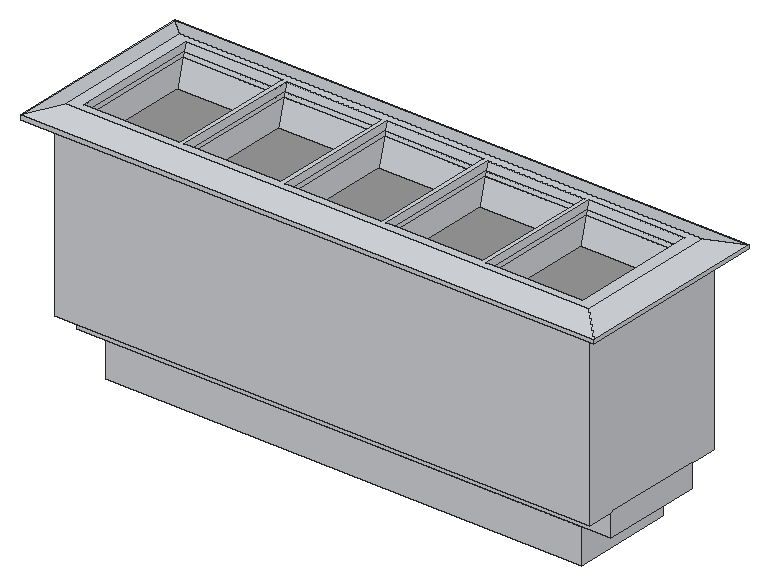
Revit family "2061125 Sylvania Lighting Fixture DOMINO 5xLED 940 BLACK NB TRIM WHITE", category Lighting Fixtures, host Face, Revit 2018
Family settings
  Host = Face
  Round Connector Dimension = Use Diameter
  Part Type = Normal
  OmniClass Number = 23.80.70.00
  OmniClass Title = Lighting
  Cut with Voids When Loaded = No
  Light Source = Yes
  Shared = No
  Room Calculation Point = No
Parameters (values of type "2061125 DOMINO 5XLED 940 BLACK NB TR WHT ")
  top top width = 15.812 mm
  top top length = 123 mm
  Width = 50 mm
  Weight = "n/a"
  Wattage Comments = ""
  Wattage = 9.2903 W
  WarrantyStartDate [instance] = "n/a"
  WarrantyGuarantorParts = "n/a"
  WarrantyDurationUnit = "n/a"
  WarrantyDurationParts = ""
  WarrantyDescription = "http://www.sylvania-lighting.com"
  built-in parameter 1150110 = 1 (stored number, unit not read)
  Voltage = 0 V
  URL = "0.6"
  TypeName = "DOMINO 5xLED 940 BLACK NB TRIM WHITE"
  Type Image = <None>
  Type Comments = "n/a"
  built-in parameter 1114217 = 1 (stored number, unit not read)
  Top Width = 26 mm
  Tilt Angle = 90.00°
  built-in parameter 1150109 = 1 (stored number, unit not read)
  built-in parameter 1150134 = 3
  built-in parameter 1150113 = 1 (stored number, unit not read)
  SerialNumber [instance] = "n/a"
  Recessed Width = 43 mm
  Recessed Length = 143 mm
  Photometric Web File = "2061125.ies"
  Material_3_FEILO = none
  PowerFactor = 0
  PowerConsumption = "Lighting"
  NominalLength = 50 mm
  NominalHeight = 0 mm
  NominalDepth = 0 mm
  Name = "DOMINO 5xLED 940 BLACK NB TRIM WHITE"
  ModelReference = Name  # "DOMINO 5xLED 940 BLACK NB TRIM WHITE"
  ModelNumber = "2061125"
  Model = Name  # "DOMINO 5xLED 940 BLACK NB TRIM WHITE"
  Material = "Feilo Sylvania"
  ManufacturerName = "67 lm/W"
  Manufacturer = ""
  LuminousEfficacy = ""
  built-in parameter 1150105 = 109.82 (stored number, unit not read)
  Lumens = 1380 lm
  LuminaireType = "0"
  built-in parameter 1150115 = 1 (stored number, unit not read)
  LightOutputRatio = "LED"
  built-in parameter 1150137 = (empty or 0)
  built-in parameter 1150139 = (empty or 0)
  Lens inside recess = 25 mm
  Lens Width = 32 mm
  Lens Outside recess = 31.978 mm
  Lens = Glass, White, High Luminance
  Length = 148 mm
  LampsType = Lamp  # "n/a"
  LampNominalLuminous = "4000 K"
  LampMacAdamStep = "90"
  LampColourTemperature = "LED"
  LampColourRenderingIndex = "16500"
  built-in parameter 1150112 = 1 (stored number, unit not read)
  built-in parameter 1150114 = 1 (stored number, unit not read)
  Lamp = "n/a"
  Keynote = "n/a"
  InstallationDate [instance] = "n/a"
  InputVoltage = "0"
  InputNominalFrequency = "4000"
  built-in parameter 1150132 = (empty or 0)
  built-in parameter 1150102 = (empty or 0)
  built-in parameter 1150107 = 3200 (stored number, unit not read)
  built-in parameter 1150138 = (empty or 0)
  IngressProtection = "IfcLightFixtureType"
  ImpactProtectionIndex = "IfcLightFixtureType"
  built-in parameter 1150106 = 1.0982 (stored number, unit not read)
  IfcExportType = "IfcLightFixtureType"
  IfcExportAs = "Class II"
  Facia internal width = 37 mm
  Facia internal length = 135 mm
  Facia Height = 2 mm
  ExpectedLife = 50000
  Emit from Circle Diameter = 609.6 mm
  Emit Shape Visible in Rendering = no
  ElectricShockClassification = "67"
  built-in parameter 1150104 = 13.8 (stored number, unit not read)
  DurationUnit = "hours"
  DocumentationLiterature = "http://www.sylvania-lighting.com/product/en-int/products/2061125"
  DimmingControlOptions = "n/a"
  Material_2_FEILO = none
  Dimming Lamp Color Temperature Shift = <None>
  Description = "Modular LED recessed linear spotlight, ideal for retail and hospitality applications. Die-cast aluminium body, passive cooling. Two levels of reflector installation, low glaring UGR<16. 5x LED source, 15° beam angle , optics: PMMA lens and polycarbonate reflector combination, Black matt reflector finish. Light color temperature: 4000K neutral white, total system power: 13W , total fixture lumen output: 860lm, efficacy: 67 lm/W, Ra90 typical, LED chromacity: 3 step MacAdam ellipse (SDCM3), lifespan: 96,000 hours at 90% of the original output (L90B10), IR/UV free light source without heat radiation, operating voltage: 220-240V / 50-60Hz, electronic driver, ultra low flicker, non-dimmable , electrical protection: Class II. Degree of Protection: IP40/IP20, suitable for indoor environment only. Ceiling cut-out: 43x43mm, outer dimensions:  150x50mm trim frame RAL 9016 - Traffic white / Bezel color.5 years Warranty."
  Default Elevation = 1219.2 mm
  CreatedOn = "10/02/2021"
  CreatedBy = "@sylvania-lighting.com"
  Cost = 0
  Color Filter = 16777215
  built-in parameter 1114216 [instance] = (empty or 0)
  ClassificationValue = "EF_70_80"
  ClassificationName = "Uniclass2015"
  Material_1_FEILO = none
  Body Width = 40 mm
  Body Length = 138 mm
  BarCode [instance] = "n/a"
  built-in parameter 1114218 = 1 (stored number, unit not read)
  built-in parameter 1150133 = 10 (stored number, unit not read)
  AssetType = "Fixed"
  AssetIdentifier [instance] = "n/a"
  Assembly Code = "D5020200"
  Apparent Load = 13 VA
  Material_4_FEILO = none
Reference planes
  plane 1 "Center (Front/Back)": y = 0
  plane 2: z = 0
  plane 3 "Center (Left/Right)": x = 0
  plane 4: z = 0
  plane 5: z = -7
  plane 6: z = -45.895
  plane 7: z = -51.895
  plane 8: z = -60.895
  plane 9: x = -71.5
  plane 10: x = 71.5
  plane 11: y = 21.5
  plane 12: y = -21.5
  plane 13: x = -74
  plane 14: x = 74
  plane 15: y = 25
  plane 16: y = -25
  plane 17: x = 67.5
  plane 18: x = -67.5
  plane 19: y = 18.5
  plane 20: y = -18.5
  plane 21: z = 2
  plane 22: x = -69
  plane 23: x = 69
  plane 24: y = 20
  plane 25: y = -20
  plane 26: y = 13
  plane 27: y = -13
  plane 28: x = 61.5
  plane 29: x = -61.5
  plane 30: x = -65.5
  plane 31: y = 16.5
  plane 32: y = -16.472
  plane 33: x = -40.5
  plane 34: x = -41
  plane 35: x = -65
  plane 36: y = 13
  plane 37: y = -12.972
  plane 38: x = -39.5
  plane 39: x = -14.48
  plane 40: x = -13.48
  plane 41: x = 11.52
  plane 42: x = 12.52
  plane 43: x = 37.52
  plane 44: x = 38.52
  plane 45: x = 64.5
Forms (mm)
  Extrusion 1, solid, not visible, detail levels medium+fine
    sketch origin (4.2, 0, 0) x (1, 0, 0) y (0, 1, 0)
      loop
        line (-29.2, 34.5) -> (-29.2, -34.5) -> (20.8, -34.5) -> (20.8, 34.5) -> (-29.2, 34.5)
    from 0 to 1
  Extrusion 2, solid, not visible, detail levels medium+fine
    sketch origin (4.044, 0, 0) x (1, 0, 0) y (0, 1, 0)
      loop
        line (-29.2, 34.5) -> (-29.2, -34.5) -> (20.8, -34.5) -> (20.8, 34.5) -> (-29.2, 34.5)
    from 0 to 1
  Blend 3, solid, not visible, detail levels medium+fine
    base sketch origin (4.2, 0, 0) x (1, 0, 0) y (0, 1, 0)
      loop
        line (-29.2, 34.5) -> (-29.2, -34.5) -> (20.8, -34.5) -> (20.8, 34.5) -> (-29.2, 34.5)
    top sketch origin (4.2, 0, 0) x (1, 0, 0) y (0, 1, 0)
      loop
        line (-21.7, 28) -> (-21.7, -28) -> (13.3, -28) -> (13.3, 28) -> (-21.7, 28)
    from 1 to 3
  Extrusion 4, solid, not visible, detail levels medium+fine
    sketch origin (3.419, 0, 0) x (1, 0, 0) y (0, 1, 0)
      loop
        line (-29.2, 34.5) -> (-29.2, -34.5) -> (20.8, -34.5) -> (20.8, 34.5) -> (-29.2, 34.5)
    from 0 to 1
  Blend 5, solid, not visible, detail levels medium+fine
    base sketch origin (3.575, 0, 0) x (1, 0, 0) y (0, 1, 0)
      loop
        line (-29.2, 34.5) -> (-29.2, -34.5) -> (20.8, -34.5) -> (20.8, 34.5) -> (-29.2, 34.5)
    top sketch origin (3.575, 0, 0) x (1, 0, 0) y (0, 1, 0)
      loop
        line (-21.7, 28) -> (-21.7, -28) -> (13.3, -28) -> (13.3, 28) -> (-21.7, 28)
    from 1 to 3
  Extrusion 6, solid, not visible, detail levels medium+fine
    sketch origin (4.247, 0, 0) x (1, 0, 0) y (0, 1, 0)
      loop
        line (-29.2, 34.5) -> (-29.2, -34.5) -> (20.8, -34.5) -> (20.8, 34.5) -> (-29.2, 34.5)
    from 0 to 1
  Blend 7, solid, not visible, detail levels medium+fine
    base sketch origin (4.403, 0, 0) x (1, 0, 0) y (0, 1, 0)
      loop
        line (-29.2, 34.5) -> (-29.2, -34.5) -> (20.8, -34.5) -> (20.8, 34.5) -> (-29.2, 34.5)
    top sketch origin (4.403, 0, 0) x (1, 0, 0) y (0, 1, 0)
      loop
        line (-21.7, 28) -> (-21.7, -28) -> (13.3, -28) -> (13.3, 28) -> (-21.7, 28)
    from 1 to 3
  Extrusion 8, void, detail levels medium+fine
    sketch origin (4.2, 0, 0) x (0, 1, 0) y (1, 0, 0)
      loop
        line (21.5, -75.7) -> (21.5, 67.3) -> (-21.5, 67.3) -> (-21.5, -75.7) -> (21.5, -75.7)
    from -9.934 to 83.097
  Extrusion 9, solid, detail levels medium+fine
    sketch origin (4.2, 0, 0) x (1, 0, 0) y (0, 1, 0)
      loop
        line (-78.2, 25) -> (-78.2, -25) -> (69.8, -25) -> (69.8, 25) -> (-78.2, 25)
    from 0 to 1
  Extrusion 10, solid, detail levels medium+fine
    sketch origin (4.2, 0, 0) x (1, 0, 0) y (0, 1, 0)
      loop
        line (-73.2, 20) -> (-73.2, -20) -> (64.8, -20) -> (64.8, 20) -> (-73.2, 20)
    from 0 to -45.895
  Extrusion 11, solid, detail levels medium+fine
    sketch origin (4.2, 0, 0) x (1, 0, 0) y (0, 1, 0)
      loop
        line (-73.2, 13) -> (-73.2, -13) -> (64.8, -13) -> (64.8, 13) -> (-73.2, 13)
    from -51.895 to -45.895
  Extrusion 12, solid, material "Glass, White, High Luminance" <- "Lens", detail levels fine
    sketch origin (11.874, 1219.733, 36.156) x (1, 0, 0) y (0, 1, 0)
      loop
        line (-75.883, -1206.7) -> (-75.883, -1232.733) -> (-51.887, -1232.733) -> (-51.887, -1206.7) -> (-75.883, -1206.7)
    from -43.156 to -42.182
  Blend 13, solid, detail levels medium+fine
    base sketch origin (4.2, 0, 0) x (1, 0, 0) y (0, 1, 0)
      loop
        line (-78.2, 25) -> (-78.2, -25) -> (69.8, -25) -> (69.8, 25) -> (-78.2, 25)
    top sketch origin (4.2, 0, 0) x (1, 0, 0) y (0, 1, 0)
      loop
        line (-71.7, 18.5) -> (-71.7, -18.5) -> (63.3, -18.5) -> (63.3, 18.5) -> (-71.7, 18.5)
    from 1 to 3
  Extrusion 14, solid, detail levels fine
    sketch origin (0, 0, 0) x (1, 0, 0) y (0, 0, 1)
      loop
        line (-61.5, -51.895) -> (-61.5, -60.895) -> (61.5, -60.895) -> (61.5, -51.895) -> (-61.5, -51.895)
    from -13 to 13
  Blend 15, void
    base sketch origin (5.187, 0, 0) x (0, 1, 0) y (-1, 0, 0)
      loop
        line (16.5, 69.7) -> (-16.472, 69.7) -> (-16.472, 44.7) -> (16.5, 44.7) -> (16.5, 69.7)
    top sketch origin (5.187, 0, 0) x (0, 1, 0) y (-1, 0, 0)
      loop
        line (13, 69.2) -> (-12.972, 69.2) -> (-12.972, 45.2) -> (13, 45.2) -> (13, 69.2)
    from 3 to -7
  Blend 16, void
    base sketch origin (31.202, 0, 0) x (0, 1, 0) y (-1, 0, 0)
      loop
        line (16.5, 69.7) -> (-16.472, 69.7) -> (-16.472, 44.7) -> (16.5, 44.7) -> (16.5, 69.7)
    top sketch origin (31.202, 0, 0) x (0, 1, 0) y (-1, 0, 0)
      loop
        line (13, 69.2) -> (-12.972, 69.2) -> (-12.972, 45.2) -> (13, 45.2) -> (13, 69.2)
    from 3 to -7
  Blend 17, void
    base sketch origin (57.213, -0.017, 0) x (0, 1, 0) y (-1, 0, 0)
      loop
        line (16.5, 69.7) -> (-16.472, 69.7) -> (-16.472, 44.7) -> (16.5, 44.7) -> (16.5, 69.7)
    top sketch origin (57.213, -0.017, 0) x (0, 1, 0) y (-1, 0, 0)
      loop
        line (13, 69.2) -> (-12.972, 69.2) -> (-12.972, 45.2) -> (13, 45.2) -> (13, 69.2)
    from 3 to -7
  Blend 18, void
    base sketch origin (83.222, 0, 0) x (0, 1, 0) y (-1, 0, 0)
      loop
        line (16.5, 69.7) -> (-16.472, 69.7) -> (-16.472, 44.7) -> (16.5, 44.7) -> (16.5, 69.7)
    top sketch origin (83.222, 0, 0) x (0, 1, 0) y (-1, 0, 0)
      loop
        line (13, 69.2) -> (-12.972, 69.2) -> (-12.972, 45.2) -> (13, 45.2) -> (13, 69.2)
    from 3 to -7
  Blend 19, void
    base sketch origin (109.202, 0, 0) x (0, 1, 0) y (-1, 0, 0)
      loop
        line (16.5, 69.7) -> (-16.472, 69.7) -> (-16.472, 44.7) -> (16.5, 44.7) -> (16.5, 69.7)
    top sketch origin (109.202, 0, 0) x (0, 1, 0) y (-1, 0, 0)
      loop
        line (13, 69.2) -> (-12.972, 69.2) -> (-12.972, 45.2) -> (13, 45.2) -> (13, 69.2)
    from 3 to -7
  Extrusion 20, solid, material "Glass, White, High Luminance" <- "Lens", detail levels fine
    sketch origin (37.889, 1219.733, 36.156) x (1, 0, 0) y (0, 1, 0)
      loop
        line (-75.883, -1206.7) -> (-75.883, -1232.733) -> (-51.887, -1232.733) -> (-51.887, -1206.7) -> (-75.883, -1206.7)
    from -43.156 to -42.182
  Extrusion 21, solid, material "Glass, White, High Luminance" <- "Lens", detail levels fine
    sketch origin (63.896, 1219.733, 36.156) x (1, 0, 0) y (0, 1, 0)
      loop
        line (-75.883, -1206.7) -> (-75.883, -1232.733) -> (-51.887, -1232.733) -> (-51.887, -1206.7) -> (-75.883, -1206.7)
    from -43.156 to -42.182
  Extrusion 22, solid, material "Glass, White, High Luminance" <- "Lens", detail levels fine
    sketch origin (89.905, 1219.733, 36.156) x (1, 0, 0) y (0, 1, 0)
      loop
        line (-75.883, -1206.7) -> (-75.883, -1232.733) -> (-51.887, -1232.733) -> (-51.887, -1206.7) -> (-75.883, -1206.7)
    from -43.156 to -42.182
  Extrusion 23, solid, material "Glass, White, High Luminance" <- "Lens", detail levels fine
    sketch origin (115.886, 1219.733, 36.156) x (1, 0, 0) y (0, 1, 0)
      loop
        line (-75.883, -1206.7) -> (-75.883, -1232.733) -> (-51.887, -1232.733) -> (-51.887, -1206.7) -> (-75.883, -1206.7)
    from -43.156 to -42.182
  Extrusion 24, solid, detail levels coarse
    sketch origin (4.2, 0, 0) x (1, 0, 0) y (0, 1, 0)
      loop
        line (-78.2, 25) -> (-78.2, -25) -> (69.8, -25) -> (69.8, 25) -> (-78.2, 25)
    from 3 to -60.895
Cuts and joins
  Blend 15, Blend 16, Blend 17, Blend 18, Blend 19 cuts Extrusion 9
  Blend 15, Blend 16, Blend 17, Blend 18, Blend 19 cuts Extrusion 10
  Blend 15, Blend 16, Blend 17, Blend 18, Blend 19 cuts Blend 13
Dimensions and locks
  "Recessed Length": plane 9 to plane 10
  equal spacing: plane 9, plane 3 "Center (Left/Right)", plane 10
  "Length": plane 13 to plane 14
  equal spacing: plane 13, plane 3 "Center (Left/Right)", plane 14
  "Recessed Width": plane 11 to plane 12
  equal spacing: plane 11, plane 1 "Center (Front/Back)", plane 12
  "Width": plane 15 to plane 16
  equal spacing: plane 15, plane 1 "Center (Front/Back)", plane 16
  "Facia internal length": plane 18 to plane 17
  equal spacing: plane 18, plane 3 "Center (Left/Right)", plane 17
  "Facia internal width": plane 19 to plane 20
  equal spacing: plane 19, plane 1 "Center (Front/Back)", plane 20
  "Facia Height": plane 21 to host face
  "Body Length": plane 22 to plane 23
  equal spacing: plane 22, plane 3 "Center (Left/Right)", plane 23
  "Body Width": plane 24 to plane 25
  equal spacing: plane 24, plane 1 "Center (Front/Back)", plane 25
  "Top Width": plane 26 to plane 27
  equal spacing: plane 26, plane 1 "Center (Front/Back)", plane 27
  "top top length": plane 29 to plane 28
  equal spacing: plane 29, plane 3 "Center (Left/Right)", plane 28  (x2)
  plane 28 to plane 29 = 123 mm
  equal spacing: plane 28, plane 3 "Center (Left/Right)", plane 29
  aligned and locked: plane 2 to host face
  aligned and locked: level to host face
  aligned and locked: Extrusion 11 to plane 7
  aligned and locked: Extrusion 10 to plane 6
  aligned and locked: Extrusion 12 to plane 5
Automatic sketch dimensions
  Extrusion 1 sketch curve to Extrusion 1 sketch curve = 50 mm
  Extrusion 1 sketch curve to Extrusion 1 sketch curve = 69 mm
  Extrusion 2 sketch curve to Extrusion 2 sketch curve = 50 mm
  Extrusion 2 sketch curve to Extrusion 2 sketch curve = 69 mm
  Blend 3 sketch curve to Blend 3 sketch curve = 50 mm
  Blend 3 sketch curve to Blend 3 sketch curve = 69 mm
  Blend 3 sketch curve to Blend 3 sketch curve = 35 mm
  Blend 3 sketch curve to Blend 3 sketch curve = 56 mm
  Extrusion 4 sketch curve to Extrusion 4 sketch curve = 50 mm
  Extrusion 4 sketch curve to Extrusion 4 sketch curve = 69 mm
  Blend 5 sketch curve to Blend 5 sketch curve = 50 mm
  Blend 5 sketch curve to Blend 5 sketch curve = 69 mm
  Blend 5 sketch curve to Blend 5 sketch curve = 35 mm
  Blend 5 sketch curve to Blend 5 sketch curve = 56 mm
  Extrusion 6 sketch curve to Extrusion 6 sketch curve = 50 mm
  Extrusion 6 sketch curve to Extrusion 6 sketch curve = 69 mm
  Blend 7 sketch curve to Blend 7 sketch curve = 50 mm
  Blend 7 sketch curve to Blend 7 sketch curve = 69 mm
  Blend 7 sketch curve to Blend 7 sketch curve = 35 mm
  Blend 7 sketch curve to Blend 7 sketch curve = 56 mm
  host sketch curve to host sketch curve = 2438.4 mm  (x2)
  Extrusion 8 sketch curve to plane 9 = 0 mm
  Extrusion 8 sketch curve to plane 12 = 0 mm
  Extrusion 8 sketch curve to plane 11 = 0 mm
  Extrusion 8 sketch curve to plane 10 = 0 mm
  Extrusion 9 sketch curve to plane 13 = 0 mm
  Extrusion 9 sketch curve to plane 14 = 0 mm
  Extrusion 9 sketch curve to plane 16 = 0 mm
  Extrusion 9 sketch curve to plane 15 = 0 mm
  Extrusion 10 sketch curve to plane 22 = 0 mm
  Extrusion 10 sketch curve to plane 23 = 0 mm
  Extrusion 10 sketch curve to plane 25 = 0 mm
  Extrusion 10 sketch curve to plane 24 = 0 mm
  Extrusion 11 sketch curve to plane 22 = 0 mm
  Extrusion 11 sketch curve to plane 23 = 0 mm
  Extrusion 11 sketch curve to plane 27 = 0 mm
  Extrusion 11 sketch curve to plane 26 = 0 mm
  Extrusion 12 sketch curve to plane 27 = 0 mm
  plane 35 to Extrusion 12 sketch curve = 0.991 mm
  plane 26 to Extrusion 12 sketch curve = 0.033 mm
  plane 33 to Extrusion 12 sketch curve = 0.487 mm
  Blend 13 sketch curve to plane 13 = 0 mm
  Blend 13 sketch curve to plane 14 = 0 mm
  Blend 13 sketch curve to plane 16 = 0 mm
  Blend 13 sketch curve to plane 15 = 0 mm
  Blend 13 sketch curve to plane 18 = 0 mm
  Blend 13 sketch curve to plane 17 = 0 mm
  Blend 13 sketch curve to plane 20 = 0 mm
  Blend 13 sketch curve to plane 19 = 0 mm
  Extrusion 14 sketch curve to plane 8 = 0 mm
  Extrusion 14 sketch curve to plane 29 = 0 mm
  Extrusion 14 sketch curve to plane 28 = 0 mm
  Extrusion 14 sketch curve to plane 7 = 0 mm
  Blend 15 sketch curve to plane 32 = 0 mm
  Blend 15 sketch curve to plane 31 = 0 mm
  Blend 15 sketch curve to plane 38 = 0.013 mm
  plane 35 to Blend 15 sketch curve = 0.487 mm
  Blend 15 sketch curve to plane 37 = 0 mm
  Blend 15 sketch curve to plane 26 = 0 mm
  plane 33 to Blend 15 sketch curve = 0.487 mm
  plane 35 to Blend 15 sketch curve = 0.987 mm
  Blend 16 sketch curve to plane 32 = 0 mm
  Blend 16 sketch curve to plane 31 = 0 mm
  Blend 16 sketch curve to plane 40 = 0.018 mm
  plane 38 to Blend 16 sketch curve = 1.002 mm
  Blend 16 sketch curve to plane 37 = 0 mm
  Blend 16 sketch curve to plane 26 = 0 mm
  plane 39 to Blend 16 sketch curve = 0.482 mm
  plane 38 to Blend 16 sketch curve = 1.502 mm
  Blend 17 sketch curve to plane 32 = 0.017 mm
  Blend 17 sketch curve to plane 31 = 0.017 mm
  Blend 17 sketch curve to plane 42 = 0.007 mm
  plane 40 to Blend 17 sketch curve = 0.993 mm
  plane 27 to Blend 17 sketch curve = 0.011 mm
  Blend 17 sketch curve to plane 26 = 0.017 mm
  plane 41 to Blend 17 sketch curve = 0.493 mm
  plane 40 to Blend 17 sketch curve = 1.493 mm
  plane 32 to Blend 18 sketch curve = 0 mm
  plane 31 to Blend 18 sketch curve = 0 mm
  plane 44 to Blend 18 sketch curve = 0.002 mm
  plane 42 to Blend 18 sketch curve = 1.002 mm
  plane 37 to Blend 18 sketch curve = 0 mm
  plane 26 to Blend 18 sketch curve = 0 mm
  Blend 18 sketch curve to plane 44 = 0.498 mm
  plane 42 to Blend 18 sketch curve = 1.502 mm
  Blend 19 sketch curve to plane 32 = 0 mm
  Blend 19 sketch curve to plane 31 = 0 mm
  plane 45 to Blend 19 sketch curve = 0.002 mm
  plane 44 to Blend 19 sketch curve = 0.982 mm
  Blend 19 sketch curve to plane 37 = 0 mm
  Blend 19 sketch curve to plane 26 = 0 mm
  Blend 19 sketch curve to plane 45 = 0.498 mm
  plane 44 to Blend 19 sketch curve = 1.482 mm
  Extrusion 20 sketch curve to plane 27 = 0 mm
  plane 38 to Extrusion 20 sketch curve = 1.506 mm
  plane 26 to Extrusion 20 sketch curve = 0.033 mm
  plane 39 to Extrusion 20 sketch curve = 0.482 mm
  Extrusion 21 sketch curve to plane 27 = 0 mm
  plane 40 to Extrusion 21 sketch curve = 1.493 mm
  plane 26 to Extrusion 21 sketch curve = 0.033 mm
  plane 41 to Extrusion 21 sketch curve = 0.49 mm
  Extrusion 22 sketch curve to plane 27 = 0 mm
  plane 42 to Extrusion 22 sketch curve = 1.502 mm
  plane 26 to Extrusion 22 sketch curve = 0.033 mm
  plane 43 to Extrusion 22 sketch curve = 0.498 mm
  Extrusion 23 sketch curve to plane 27 = 0 mm
  plane 44 to Extrusion 23 sketch curve = 1.482 mm
  plane 26 to Extrusion 23 sketch curve = 0.033 mm
  Extrusion 23 sketch curve to plane 45 = 0.501 mm
  Extrusion 24 sketch curve to plane 13 = 0 mm
  Extrusion 24 sketch curve to plane 14 = 0 mm
  Extrusion 24 sketch curve to plane 16 = 0 mm
  Extrusion 24 sketch curve to plane 15 = 0 mm
Connectors
  electrical at (0, 0, -60.895)
    settings: on Extrusion 14, index 1, voltage 0 V, apparent load 0 VA, apparent load phase1 0 VA, apparent load phase2 0 VA, apparent load phase3 0 VA, power factor 1, load classification "Other", number of poles 1, system type 31, power factor state 1, is connector primary yes, connector utility no, sub classification motor no, connector description ""
